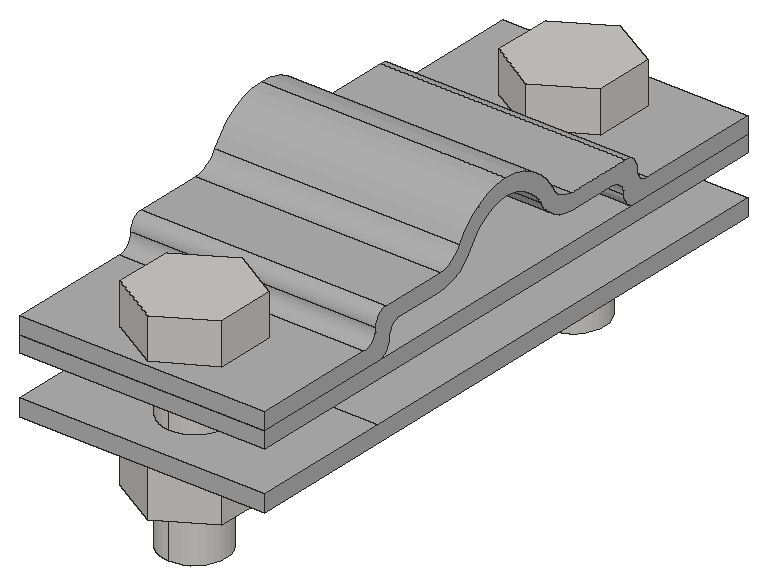
Revit family "DF_ЗажимПараллельный_Полоса_Полоса_90559_EZETEK", category Соединительные детали воздуховодов, Revit 2017
Family settings
  Размер круглого соединителя = Использовать радиус
  Тип детали = Соединение
  На основе рабочей плоскости = Нет
  Всегда вертикально = Да
  При загрузке вырезать с полостями = Нет
  Общий = Нет
Parameters (values of type "ЗажимПараллельный_Полоса_Полоса_90559")
  Ширина1 [instance] = 30 mm
  Угол = 0.00°  # constant formula
  Тип = FA_ЗажимПараллельный_Полоса-Пруток_Полоса_90559_EZETEK : ЗажимПараллельный_Полоса-Пруток_Полоса_90559
  Смещение_Коннекторы_По вертикали [instance] = if(Графика_Сместить_ПоВертикали, 3 mm, 0 mm)  # 3 mm
  СфераОшибки [instance] = or(ADSK_Размер_Радиус > 5 mm, ADSK_Размер_Радиус < 4 mm, ADSK_Размер_Ширина > 40 mm, Ширина1 > 40 mm)  # no
  Смещение_Коннекторы_Длина [instance] = if(Графика_Сместить_ПоДлине, 50 mm, 1 mm)  # 50 mm
  Предупреждение [instance] = if(СфераОшибки, "Допустимые диаметры стержней: 8, 10", "")  # ""
  Описание = "Зажим позволяет выполнить соединение в параллельном направлении полосы шириной до 40 мм и прутка 8-10 мм, а также осуществить переход с полосы на пруток."  # constant formula
  Группа модели = "Зажимы"  # constant formula
  Графика_Сместить_ПоДлине [instance] = yes
  Графика_Сместить_ПоВертикали [instance] = yes
  Производитель_Контакты = "ezetek@ezetek.ru"  # constant formula
  built-in parameter 1114242 [instance] = 1 = 0  # (empty or 0)
  Изготовитель = "Ezetek"  # constant formula
  Высота1 [instance] = 4 mm
  URL = "https://ezetek.ru/"
  R_Error [instance] = if(ADSK_Размер_Радиус > 5 mm, 50 mm, 1 mm)  # 1 mm
  R [instance] = if(ADSK_Размер_Радиус > 5 mm, 5 mm, ADSK_Размер_Радиус)  # 5 mm
  ADSK_Этаж [instance] = ""
  ADSK_Размер_Ширина [instance] = 30 mm
  ADSK_Размер_Радиус [instance] = 5 mm  # constant formula
  ADSK_Размер_Диаметр [instance] = ADSK_Размер_Радиус * 2  # 10 mm
  ADSK_Размер_Высота [instance] = 4 mm
  ADSK_Примечание [instance] = "Неспецифицируемое"  # constant formula
  ADSK_Позиция [instance] = "Неспецифицируемое"  # constant formula
  ADSK_Обозначение = "Неспецифицируемое"  # constant formula
  ADSK_Наименование краткое [instance] = "Неспецифицируемое"  # constant formula
  ADSK_Наименование = "Неспецифицируемое"  # constant formula
  ADSK_Материал = BIMLIB_Сталь_Оцинкованная_EZETEK
  ADSK_Масса_Текст = "Неспецифицируемое"  # constant formula
  ADSK_Масса = 0  # constant formula
  ADSK_Марка = "Неспецифицируемое"  # constant formula
  ADSK_Количество = 0  # constant formula
  ADSK_Код изделия = "Неспецифицируемое"  # constant formula
  ADSK_Завод-изготовитель = "Неспецифицируемое"  # constant formula
  ADSK_Единица измерения = "Неспецифицируемое"  # constant formula
  ADSK_Группирование [instance] = ""
  ADSK_Версия Revit = "2017"  # constant formula
Reference planes
  plane 1 "По центру (Вперед/Назад)": y = 0
  plane 2: z = 0
  plane 3 "По центру (Влево/Вправо)": x = 0
  plane 4 "M": y = 0
  plane 5 "U": z = 3
  plane 6: z = -3
Forms (mm)
  Revolve 1, solid, visible <- "СфераОшибки"
    sketch origin (0, 0, 0) x (1, 0, 0) y (0, 1, 0)
      loop
        arc (1, 0) -> (0, 1) -> (-1, 0) r 1
        line (-1, 0) -> (1, 0)
      axis (1, 0) -> (-1, 0)
    angle from 0 to 360
Lines and regions (mm)
  reference lines
    curve 1: line (-1, 0, 3) -> (50, 0, 3)
    curve 2: line (1, 0, 0) -> (-1, 0, 0)
    curve 3: line (-50, 0, -3) -> (1, 0, -3)
Dimensions and locks
  "Смещение_Коннекторы_По вертикали": plane 5 "U" to plane 2
  "Смещение_Коннекторы_По вертикали": plane 2 to plane 6
  locked: curve 1 to plane 3 "По центру (Влево/Вправо)" at 1
  locked: plane 3 "По центру (Влево/Вправо)" to curve 3 at 1
  "Смещение_Коннекторы_Длина": curve 3 to plane 3 "По центру (Влево/Вправо)"
  "Смещение_Коннекторы_Длина": plane 3 "По центру (Влево/Вправо)" to curve 1
  "R_Error": radius of Revolve 1 sketch curve
  aligned and locked: level to plane 2
  aligned and locked: plane 1 "По центру (Вперед/Назад)" to Revolve 1 sketch curve  (x2)
  aligned and locked: Revolve 1 sketch curve to plane 4 "M"
  aligned and locked: curve 1 to plane 5 "U"
  aligned and locked: plane 6 to curve 3
Automatic sketch dimensions
  plane 3 "По центру (Влево/Вправо)" to curve 2 = 1 mm
  plane 1 "По центру (Вперед/Назад)" to curve 2 = 0 mm
  curve 2 to plane 3 "По центру (Влево/Вправо)" = 1 mm
  plane 1 "По центру (Вперед/Назад)" to curve 1 = 0 mm
  Revolve 1 sketch curve to plane 3 "По центру (Влево/Вправо)" = 0 mm
  Revolve 1 sketch curve to Revolve 1 sketch curve = 42.294 mm
  Revolve 1 sketch curve to Revolve 1 sketch curve = 33.119 mm
  plane 1 "По центру (Вперед/Назад)" to curve 3 = 0 mm
Nested families
  nested 1: "FA_ЗажимПараллельный_Полоса-Пруток_Полоса_90559_EZETEK" at (0, 0, 0) x (0, 1, 0) z (0, 0, 1), type <- "Тип", ADSK_Этаж <- "ADSK_Этаж", ADSK_Группирование <- "ADSK_Группирование", type "ЗажимПараллельный_Полоса-Пруток_Полоса_90559", detail levels fine
    with Сместить yes, Использовать масштаб аннотаций 0, ADSK_Этаж "", ADSK_Примечание "", ADSK_Позиция "", ADSK_Наименование краткое "Зажим заземления", ADSK_Группирование ""
Connectors
  hvac at (50, 0, 3), driven by "ADSK_Размер_Высота", driven by "ADSK_Размер_Ширина"
    settings: on curve 1, index 1, duct flow 0.0 L/s, flow factor 0, pres drop 0.0 Pa, loss coef 0, conn angle 0.00°, conn width 30 mm, conn height 4 mm, conn diameter 609.6 mm, duct sys type 1, conn prof type 1, flow config 0, flow direction 0, loss method 0, conn ref index 2, conn util no, is conn primary yes, conn desc ""
  hvac at (-50, 0, -3), driven by "Высота1", driven by "Ширина1"
    settings: on curve 3, index 2, duct flow 0.0 L/s, flow factor 0, pres drop 0.0 Pa, loss coef 0, conn angle 0.00°, conn width 30 mm, conn height 4 mm, conn diameter 609.6 mm, duct sys type 1, conn prof type 1, flow config 0, flow direction 0, loss method 0, conn ref index 1, conn util no, is conn primary no, conn desc ""
Definition of nested family "FA_ЗажимПараллельный_Полоса-Пруток_Полоса_90559_EZETEK"
  Parameters (values of type "ЗажимПараллельный_Полоса-Пруток_Полоса_90559")
    Угол = 90.00°  # constant formula
    Сместить [instance] = yes
    Производитель_Контакты = "ezetek@ezetek.ru"  # constant formula
    Description = "Зажим выполнен из оцинкованной стали и позволяет выполнить соединение в параллельном направлении полосы шириной до 40 мм и прутка 8-10 мм. Зажим стягивается болтами с гайками М8."  # constant formula
    Использовать масштаб аннотаций [instance] = 1 = 0  # 0
    Manufacturer = "Ezetek"  # constant formula
    Model = "Зажимы"  # constant formula
    URL = "https://ezetek.ru/"
    ADSK_Этаж [instance] = ""
    ADSK_Примечание [instance] = ""
    ADSK_Позиция [instance] = ""
    ADSK_Обозначение = "90559"
    ADSK_Наименование краткое [instance] = "Зажим соединительный"
    ADSK_Наименование = "Зажим соединительный полоса/пруток — полоса параллельный, оцинк."
    ADSK_Материал = none
    ADSK_Масса_Текст = "0.14"  # constant formula
    ADSK_Масса = 0.14  # constant formula
    ADSK_Марка = "90559"
    ADSK_Количество = 1  # constant formula
    ADSK_Код изделия = "90559"
    ADSK_Завод-изготовитель = "Ezetek"  # constant formula
    ADSK_Единица измерения = "шт."  # constant formula
    ADSK_Группирование [instance] = ""
    ADSK_Версия Revit = "2017"  # constant formula
  Reference planes
    plane 1 "По центру (Вперед/Назад)": y = 0
    plane 2: z = 0
    plane 3 "По центру (Влево/Вправо)": x = 0
    plane 4: z = 1
    plane 5: z = -1
    plane 6: z = 3
    plane 7 "Up": z = 1
    plane 8: z = -6
    plane 9: z = -8
    plane 10: z = 8
    plane 11: z = -14.4
    plane 12: z = -20.4
    plane 13: z = 2
    plane 14: z = -7
    plane 15 "M": y = 0
    plane 16 "U": z = 4.5
    plane 17 "L": z = -4.5
    plane 18: z = -4.5
    plane 19: x = 0
    plane 20: x = -37
    plane 21: x = 37
    plane 22: x = -29
    plane 23: x = 29
  Forms (mm)
    Extrusion 1, solid, material <- "ADSK_Материал", detail levels fine
      sketch origin (0, 0, 0) x (1, 0, 0) y (0, 1, 0)
        loop
          line (-37, 15) -> (-37, -15) -> (37, -15) -> (37, 15) -> (-37, 15)
      from 1 to -1
    Extrusion 2, solid, detail levels fine
      sketch origin (15, 0, 0) x (1, 0, 0) y (0, 1, 0)
        loop
          circle (-44, 0) r 3.9
      from 3 to -20.4
    Blend 3, solid, material <- "ADSK_Материал", detail levels fine
      base sketch origin (0, 0, 0) x (1, 0, 0) y (0, 0, 1)
        loop
          arc (-19.745, 1) -> (-18.507, 1.513) -> (-17.995, 2.75) r 1.75
          arc (-17.995, 2.75) -> (-17.482, 3.987) -> (-16.245, 4.5) r 1.75
          line (-16.245, 4.5) -> (-10.186, 4.5)
          arc (-10.186, 4.5) -> (-7.32, 5.281) -> (-5.248, 7.409) r 5.646
          arc (-5.248, 7.409) -> (-3.045, 9.67) -> (0, 10.5) r 6
          arc (0, 10.5) -> (3.045, 9.67) -> (5.248, 7.409) r 6
          arc (5.248, 7.409) -> (7.32, 5.281) -> (10.186, 4.5) r 5.646
          line (10.186, 4.5) -> (16.245, 4.5)
          arc (16.245, 4.5) -> (17.482, 3.987) -> (17.995, 2.75) r 1.75
          arc (17.995, 2.75) -> (18.507, 1.513) -> (19.745, 1) r 1.75
          line (19.745, 1) -> (37, 1) -> (37, 3) -> (21.745, 3)
          arc (21.745, 3) -> (20.507, 3.513) -> (19.995, 4.75) r 1.75
          arc (19.995, 4.75) -> (19.482, 5.987) -> (18.245, 6.5) r 1.75
          line (18.245, 6.5) -> (10.001, 6.5)
          arc (10.001, 6.5) -> (8.285, 6.975) -> (7.059, 8.265) r 3.335
          arc (7.059, 8.265) -> (4.116, 11.36) -> (0, 12.5) r 8
          arc (0, 12.5) -> (-4.116, 11.36) -> (-7.059, 8.265) r 8
          arc (-7.059, 8.265) -> (-8.285, 6.975) -> (-10.001, 6.5) r 3.335
          line (-10.001, 6.5) -> (-18.245, 6.5)
          arc (-18.245, 6.5) -> (-19.482, 5.987) -> (-19.995, 4.75) r 1.75
          arc (-19.995, 4.75) -> (-20.507, 3.513) -> (-21.745, 3) r 1.75
          line (-21.745, 3) -> (-37, 3) -> (-37, 1) -> (-19.745, 1)
      top sketch origin (0, 0, 0) x (1, 0, 0) y (0, 0, 1)
        loop
          arc (-19.745, 1) -> (-18.507, 1.513) -> (-17.995, 2.75) r 1.75
          arc (-17.995, 2.75) -> (-17.482, 3.987) -> (-16.245, 4.5) r 1.75
          line (-16.245, 4.5) -> (-10.186, 4.5)
          arc (-10.186, 4.5) -> (-7.32, 5.281) -> (-5.248, 7.409) r 5.646
          arc (-5.248, 7.409) -> (-3.045, 9.67) -> (0, 10.5) r 6
          arc (0, 10.5) -> (3.045, 9.67) -> (5.248, 7.409) r 6
          arc (5.248, 7.409) -> (7.32, 5.281) -> (10.186, 4.5) r 5.646
          line (10.186, 4.5) -> (16.245, 4.5)
          arc (16.245, 4.5) -> (17.482, 3.987) -> (17.995, 2.75) r 1.75
          arc (17.995, 2.75) -> (18.507, 1.513) -> (19.745, 1) r 1.75
          line (19.745, 1) -> (37, 1) -> (37, 3) -> (21.745, 3)
          arc (21.745, 3) -> (20.507, 3.513) -> (19.995, 4.75) r 1.75
          arc (19.995, 4.75) -> (19.482, 5.987) -> (18.245, 6.5) r 1.75
          line (18.245, 6.5) -> (10.001, 6.5)
          arc (10.001, 6.5) -> (8.285, 6.975) -> (7.059, 8.265) r 3.335
          arc (7.059, 8.265) -> (4.116, 11.36) -> (0, 12.5) r 8
          arc (0, 12.5) -> (-4.116, 11.36) -> (-7.059, 8.265) r 8
          arc (-7.059, 8.265) -> (-8.285, 6.975) -> (-10.001, 6.5) r 3.335
          line (-10.001, 6.5) -> (-18.245, 6.5)
          arc (-18.245, 6.5) -> (-19.482, 5.987) -> (-19.995, 4.75) r 1.75
          arc (-19.995, 4.75) -> (-20.507, 3.513) -> (-21.745, 3) r 1.75
          line (-21.745, 3) -> (-37, 3) -> (-37, 1) -> (-19.745, 1)
      from 15 to -15
    Extrusion 4, solid, detail levels fine
      sketch origin (7, 0, 0) x (1, 0, 0) y (0, 1, 0)
        loop
          line (-39.603, 6.24) -> (-43.205, 0) -> (-39.603, -6.24) -> (-32.397, -6.24) -> (-28.795, 0) -> (-32.397, 6.24) -> (-39.603, 6.24)
      from 8 to 3
    Extrusion 5, solid, detail levels fine
      sketch origin (7, 0, 0) x (1, 0, 0) y (0, 1, 0)
        loop
          line (-39.603, 6.24) -> (-43.205, 0) -> (-39.603, -6.24) -> (-32.397, -6.24) -> (-28.795, 0) -> (-32.397, 6.24) -> (-39.603, 6.24)
      from -8 to -14.4
    Extrusion 6, solid, detail levels fine
      sketch origin (-15, 0, 0) x (-1, 0, 0) y (0, -1, 0)
        loop
          circle (-44, 0) r 3.9
      from 3 to -20.4
    Extrusion 7, solid, detail levels fine
      sketch origin (-7, 0, 0) x (-1, 0, 0) y (0, -1, 0)
        loop
          line (-39.603, -6.24) -> (-32.397, -6.24) -> (-28.795, 0) -> (-32.397, 6.24) -> (-39.603, 6.24) -> (-43.205, 0) -> (-39.603, -6.24)
      from 8 to 3
    Extrusion 8, solid, detail levels fine
      sketch origin (-7, 0, 0) x (-1, 0, 0) y (0, -1, 0)
        loop
          line (-39.603, -6.24) -> (-32.397, -6.24) -> (-28.795, 0) -> (-32.397, 6.24) -> (-39.603, 6.24) -> (-43.205, 0) -> (-39.603, -6.24)
      from -8 to -14.4
    Blend 9, solid, material <- "ADSK_Материал", detail levels fine
      base sketch origin (0, 0, 0) x (1, 0, 0) y (0, 0, 1)
        loop
          line (-19.745, -6) -> (-37, -6) -> (-37, -8) -> (21.745, -8) -> (37, -8) -> (37, -6) -> (-19.745, -6)
      top sketch origin (0, 0, 0) x (1, 0, 0) y (0, 0, 1)
        loop
          line (-19.745, -6) -> (-37, -6) -> (-37, -8) -> (21.745, -8) -> (37, -8) -> (37, -6) -> (-19.745, -6)
      from 15 to -15
  Dimensions and locks
    locked: plane 2 to plane 5 at 1
    locked: plane 4 to plane 2 at 1
    plane 4 to plane 5 = 2 mm
    locked: plane 6 to plane 7 "Up" at 2
    locked: plane 8 to plane 9 at 2
    locked: plane 10 to plane 6 at 5
    plane 5 to plane 8 = 5 mm
    locked: plane 9 to plane 11 at 6.4
    locked: plane 11 to plane 12 at 6
    equal spacing: plane 6, plane 13, plane 7 "Up"
    equal spacing: plane 8, plane 14, plane 9
    locked: plane 20 to plane 3 "По центру (Влево/Вправо)" at 37
    locked: plane 21 to plane 3 "По центру (Влево/Вправо)" at 37
    locked: plane 22 to plane 3 "По центру (Влево/Вправо)" at 29
    locked: plane 23 to plane 3 "По центру (Влево/Вправо)" at 29
    aligned and locked: level to plane 2
    aligned and locked: Extrusion 1 to plane 5
    aligned and locked: plane 4 to Extrusion 1
    aligned and locked: plane 6 to Extrusion 2
    aligned and locked: Extrusion 2 to plane 12
    aligned and locked: Extrusion 1 sketch curve to plane 20
    aligned and locked: Extrusion 1 sketch curve to plane 21
    aligned and locked: Extrusion 6 to plane 12
    aligned and locked: plane 6 to Extrusion 6
    aligned and locked: Extrusion 7 to plane 6
    aligned and locked: Blend 9 sketch curve to plane 8  (x2)
  Automatic sketch dimensions
    plane 1 "По центру (Вперед/Назад)" to Extrusion 1 sketch curve = 15 mm
    Extrusion 1 sketch curve to plane 1 "По центру (Вперед/Назад)" = 15 mm
    plane 1 "По центру (Вперед/Назад)" to Extrusion 2 sketch curve = 0 mm
    Extrusion 2 sketch curve to plane 22 = 0 mm
    Blend 3 sketch curve to Blend 3 sketch curve = 0 mm  (x28)
    Blend 3 sketch curve to plane 7 "Up" = 0 mm  (x4)
    plane 20 to Blend 3 sketch curve = 0 mm  (x2)
    Blend 3 sketch curve to plane 6 = 0 mm  (x4)
    Blend 3 sketch curve to plane 16 "U" = 0 mm  (x6)
    Blend 3 sketch curve to plane 3 "По центру (Влево/Вправо)" = 0 mm  (x2)
    Blend 3 sketch curve to plane 21 = 0 mm  (x2)
    Blend 3 sketch curve to plane 22 = 7.255 mm  (x2)
    Blend 3 sketch curve to Blend 3 sketch curve = 2 mm  (x6)
    plane 16 "U" to Blend 3 sketch curve = 0.25 mm  (x4)
    Blend 3 sketch curve to Blend 3 sketch curve = 1.75 mm  (x6)
    Blend 3 sketch curve to Blend 3 sketch curve = 6.059 mm  (x4)
    Blend 3 sketch curve to Blend 3 sketch curve = 0.185 mm  (x4)
    plane 10 to Blend 3 sketch curve = 1.835 mm  (x3)
    plane 3 "По центру (Влево/Вправо)" to Blend 3 sketch curve = 10.001 mm  (x2)
    Blend 3 sketch curve to plane 6 = 0.25 mm  (x4)
    Blend 3 sketch curve to plane 10 = 1.5 mm  (x4)
    Blend 3 sketch curve to Blend 3 sketch curve = 0.311 mm  (x4)
    plane 10 to Blend 3 sketch curve = 2.146 mm
    plane 1 "По центру (Вперед/Назад)" to Extrusion 4 sketch curve = 0 mm  (x2)
    Extrusion 4 sketch curve to plane 20 = 0.795 mm
    plane 22 to Extrusion 4 sketch curve = 3.603 mm  (x2)
    Extrusion 4 sketch curve to plane 22 = 3.603 mm  (x2)
    Extrusion 4 sketch curve to plane 22 = 7.205 mm
    plane 1 "По центру (Вперед/Назад)" to Extrusion 4 sketch curve = 6.24 mm
    Extrusion 4 sketch curve to plane 1 "По центру (Вперед/Назад)" = 6.24 mm
    plane 1 "По центру (Вперед/Назад)" to Extrusion 5 sketch curve = 0 mm  (x2)
    Extrusion 5 sketch curve to plane 20 = 0.795 mm
    plane 22 to Extrusion 5 sketch curve = 3.603 mm  (x2)
    Extrusion 5 sketch curve to plane 22 = 3.603 mm  (x2)
    Extrusion 5 sketch curve to plane 22 = 7.205 mm
    plane 1 "По центру (Вперед/Назад)" to Extrusion 5 sketch curve = 6.24 mm
    Extrusion 5 sketch curve to plane 1 "По центру (Вперед/Назад)" = 6.24 mm
    plane 1 "По центру (Вперед/Назад)" to Extrusion 6 sketch curve = 0 mm
    Extrusion 6 sketch curve to plane 23 = 0 mm
    plane 1 "По центру (Вперед/Назад)" to Extrusion 7 sketch curve = 0 mm  (x2)
    plane 21 to Extrusion 7 sketch curve = 0.795 mm
    Extrusion 7 sketch curve to plane 23 = 3.603 mm  (x2)
    plane 23 to Extrusion 7 sketch curve = 3.603 mm  (x2)
    plane 23 to Extrusion 7 sketch curve = 7.205 mm
    Extrusion 7 sketch curve to plane 1 "По центру (Вперед/Назад)" = 6.24 mm
    plane 1 "По центру (Вперед/Назад)" to Extrusion 7 sketch curve = 6.24 mm
    plane 1 "По центру (Вперед/Назад)" to Extrusion 8 sketch curve = 0 mm  (x2)
    plane 21 to Extrusion 8 sketch curve = 0.795 mm
    Extrusion 8 sketch curve to plane 23 = 3.603 mm  (x2)
    plane 23 to Extrusion 8 sketch curve = 3.603 mm  (x2)
    plane 23 to Extrusion 8 sketch curve = 7.205 mm
    Extrusion 8 sketch curve to plane 1 "По центру (Вперед/Назад)" = 6.24 mm
    plane 1 "По центру (Вперед/Назад)" to Extrusion 8 sketch curve = 6.24 mm
    plane 20 to Blend 9 sketch curve = 0 mm  (x2)
    Blend 9 sketch curve to plane 9 = 0 mm  (x2)
    Blend 9 sketch curve to plane 21 = 0 mm  (x2)
    Blend 9 sketch curve to plane 22 = 9.255 mm  (x2)
    Blend 9 sketch curve to plane 23 = 7.255 mm  (x2)
    radius of Extrusion 2 sketch curve = 3.9 mm
    radius of Extrusion 6 sketch curve = 3.9 mm
